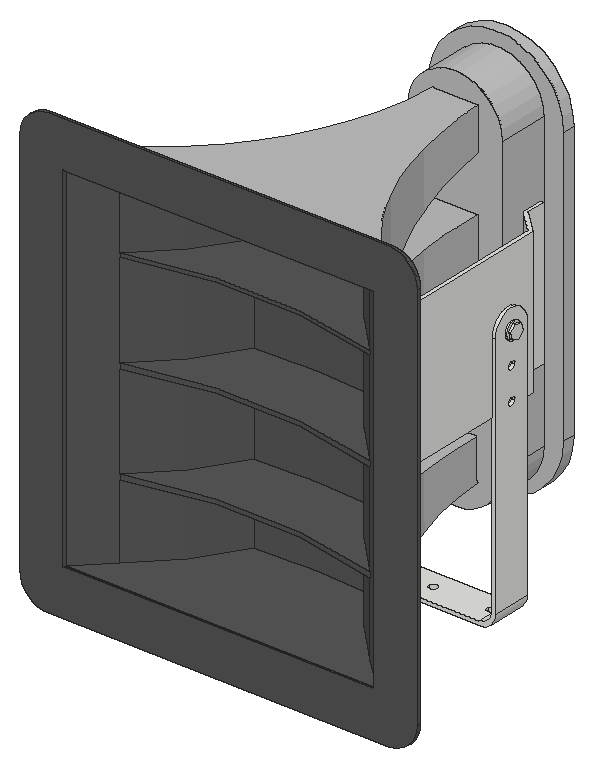
Revit family "Electronics_Community_Biamp_Voice-Range-Horn-System_RSH-462", category Communication Devices, host Face, Revit 2020
Family settings
  Host = Face
  Maintain Annotation Orientation = No
  Round Connector Dimension = Use Diameter
  Part Type = Normal
  OmniClass Number = 23.85.10.11.14.14.14
  Cut with Voids When Loaded = No
  Shared = No
  Room Calculation Point = No
Parameters (values of type "RSH-462")
  Width = 2' - 0 1/2"  # constant formula
  Weight = 71.30 lbf  # constant formula
  Usable LF Limit = "400 Hz"  # constant formula
  URL = "https://www.biamp.com/"
  Type Comments = ""
  Throat Entrance Diameter = "4 x 2"  # constant formula
  Supplied Accessories = "Factory-installed mounting bracket, hot-dipped galvanized 304 stainless steel "  # constant formula
  Shipping Weight = 82.00 lbf  # constant formula
  Rotate angle [instance] = 0.00°
  Required Signal Processing = "400 Hz high pass filter (24 dB/Oct);8 kHz low pass filter (12 db/Oct);(for 4 x M200 driver standalone)"  # constant formula
  Recommended Power Amplifier = "630W to 900W @ 8 ohms"  # constant formula
  Product data url = "https://bimobject.com/biamp/product/rsh-462_community-projectors-and-horn"
  Product Page URL = "https://www.biamp.com/products/product-families/community/projectors-and-horns#rsh-462"
  Product Documentation Link = "https://downloads.biamp.com/assets/docs/default-source/data-sheets/biamp_data_sheet_community_rsh-462.pdf"
  Position [instance] = 3
  Optional Accessories = "Digital system processor"  # constant formula
  Operating Range = "400 Hz to 8 kHz;600 Hz to 4 kHz (± 4dB)"  # constant formula
  Offset [instance] = if(Nom position = 1, 1' 0.04724", if(Nom position = 2, 1' 2.01575", if(Nom position = 3, 1' 3.98425", 0' 0")))  # 1' - 3.98425"
  Nominal –6dB Beamwidth = "60°H (+1° / -4°, 1600 Hz to 4000 Hz);20°V (+20° / -0°, 1600 Hz to 4000 Hz)"  # constant formula
  Nominal Impedance = "11 ohms"  # constant formula
  Nom position [instance] = if(Position < 1, 1, if(and(or(Position > 1, Position = 1), Position < 4), Position, if(Position > 4, 3, 3)))  # 3
  Nom angle [instance] = if(and(Nom position = 1, or(Rotate angle < 55.00°, Rotate angle = 55.00°)), 55.00°, if(and(Nom position = 1, and(Rotate angle > 55.00°, Rotate angle < 125.00°)), Rotate angle, if(and(Nom position = 1, or(Rotate angle > 125.00°, Rotate angle = 125.00°)), 125.00°, if(and(Nom position = 2, or(Rotate angle < 0.00°, Rotate angle = 0.00°)), 0.00°, if(and(Nom position = 2, and(Rotate angle > 0.00°, Rotate angle < 180.00°)), Rotate angle, if(and(Nom position = 2, or(Rotate angle > 180.00°, Rotate angle = 180.00°)), 180.00°, if(and(Nom position = 3, or(Rotate angle < 0.00°, Rotate angle = 0.00°)), 0.00°, if(and(Nom position = 3, and(Rotate angle > 0.00°, Rotate angle < 180.00°)), Rotate angle, if(and(Nom position = 3, or(Rotate angle > 180.00°, Rotate angle = 180.00°)), 180.00°, 0.00°)))))))))  # 0.00°
  Model = "RSH-462"  # constant formula
  Minimum Impedance = "10.8 ohms @ 570 Hz"  # constant formula
  Maximum Output = "143 dB SPL / 150 dB SPL (peak)"  # constant formula
  Max Input Ratings = "300W continuous, 750W program;49 volts RMS, 110 volts momentary peak"  # constant formula
  Manufacturer = "Biamp"  # constant formula
  Loudspeaker Type = "Exponential FocusedArray™ Horn System"  # constant formula
  Housing Material = Biamp - Metal - Silver
  Height = 2' - 4 1/2"  # constant formula
  Environmental Performance = "IEC529 IP66W rating with a minimum 5-degree downward aiming angle"  # constant formula
  Drivers = "4 x M200 ferrofluid-cooled"  # constant formula
  Description = "RSH-462 Voice-Range Exponential Focused Array Horn System with Mounting Bracket"  # constant formula
  Depth = 1' - 10 1/2"  # constant formula
  Default Elevation = 4' - 0"
  Construction = "Hand laminated, reinforced composite fiberglass;Interior: Black gelcoat;Exterior: Grey gelcoat"  # constant formula
  Connector Description = "Terminal strip; 300W continuous, 750W program, 49 volts RMS, 110 volts momentary peak "  # constant formula
  Axial Sensitivity (1W/1m) = "118 dB SPL (600 Hz to 4 kHz 1/3 octave bands);117 dB SPL (250 Hz to 4 kHz speech range)"  # constant formula
  Axial Q = "27.5    1.6 to 4 kHz"  # constant formula
  Axial DI = "14.4"  # constant formula
Reference planes (in)
  plane 1 "Center (Front/Back)": y = 0
  plane 2: z = 0
  plane 3 "Center (Left/Right)": x = 0
  plane 4: z = 15.98425
Forms (in)
  Sweep 1, solid, material "Biamp - Metal - Silver" <- "Housing Material", detail levels coarse
    path origin (0, 0, 0) x (1, 0, 0) y (0, 1, 0)
      loop
        line (0, -1.1811) -> (0, 1.1811)
    profile origin (0, 0, 0) x (-1, 0, 0) y (0, 0, 1)
      loop
        line (4.74409, 0) -> (4.74409, 17.16535) -> (4.50787, 17.16535) -> (4.50787, 0.23622) -> (-4.50787, 0.23622) -> (-4.50787, 17.16535) -> (-4.74409, 17.16535) -> (-4.74409, 0) -> (4.74409, 0)
  Sweep 2, solid, material "Biamp - Metal - Silver" <- "Housing Material", detail levels medium+fine
    path origin (0, 0, 0) x (1, 0, 0) y (0, 1, 0)
      loop
        line (0, -1.1811) -> (0, 1.1811)
    profile origin (0, 0, 0) x (-1, 0, 0) y (0, 0, 1)
      loop
        arc (3.84147, 0) -> (4.47972, 0.26437) -> (4.74409, 0.90263) r 0.90263
        line (4.74409, 0.90263) -> (4.74409, 17.16535) -> (4.50787, 17.16535) -> (4.50787, 1.02362)
        arc (4.50787, 1.02362) -> (4.27725, 0.46685) -> (3.72047, 0.23622) r 0.7874
        line (3.72047, 0.23622) -> (-3.72047, 0.23622)
        arc (-3.72047, 0.23622) -> (-4.27725, 0.46685) -> (-4.50787, 1.02362) r 0.7874
        line (-4.50787, 1.02362) -> (-4.50787, 17.16535) -> (-4.74409, 17.16535) -> (-4.74409, 0.90263)
        arc (-4.74409, 0.90263) -> (-4.47972, 0.26437) -> (-3.84147, 0) r 0.90263
        line (-3.84147, 0) -> (3.84147, 0)
  Sweep 3, void
    path origin (0, 0, 0) x (1, 0, 0) y (0, 1, 0)
      loop
        line (-4.74409, 0) -> (4.74409, 0)
    profile origin (0, 0, 0) x (0, 1, 0) y (0, 0, 1)
      loop
        line (1.1811, 15.98425) -> (1.1811, 17.3622) -> (-1.1811, 17.3622) -> (-1.1811, 15.98425)
        arc (-1.1811, 15.98425) -> (0, 17.16535) -> (1.1811, 15.98425) r 1.1811
  Extrusion 4, void
    sketch origin (0, 0, 0) x (1, 0, 0) y (0, 1, 0)
      loop
        circle (0, 0) r 0.25591
      loop
        circle (3.54331, 0) r 0.25591
      loop
        circle (-3.54331, 0) r 0.25591
    from 0 to 0.60139
  Sweep 5, void
    path origin (0, 0, 0) x (1, 0, 0) y (0, 1, 0)
      loop
        line (-4.74409, 0) -> (4.74409, 0)
    profile origin (0, 0, 0) x (0, 1, 0) y (0, 0, 1)
      loop
        circle (0, 15.98425) r 0.25591
      loop
        circle (0, 14.01575) r 0.25591
      loop
        circle (0, 12.04724) r 0.25591
  Revolve 6, solid, material "Biamp - Metal - Silver" <- "Housing Material"
    sketch origin (0, 0, 0) x (1, 0, 0) y (0, 0, 1)
      loop
        line (-4.74409, 16.20601) -> (-4.74409, 16.50166) -> (-4.89404, 16.50166) -> (-4.89404, 15.98425) -> (-4.17261, 15.98425) -> (-4.17261, 16.20601) -> (-4.74409, 16.20601)
      loop
        line (4.74409, 16.20601) -> (4.17261, 16.20601) -> (4.17261, 15.98425) -> (4.89404, 15.98425) -> (4.89404, 16.50166) -> (4.74409, 16.50166) -> (4.74409, 16.20601)
      axis (-4.89404, 15.98425) -> (4.89404, 15.98425)
    angle from 0 to 360
  Sweep 7, solid, material "Biamp - Metal - Silver" <- "Housing Material", detail levels medium+fine
    path origin (0, 0, 0) x (1, 0, 0) y (0, 0, 1)
      loop
        line (-4.89404, 15.98425) -> (-5.09089, 15.98425)
    profile origin (-4.99247, 0, 15.98425) x (0, 0, -1) y (0, -1, 0)
      loop
        line (-0.43912, 0.11766) -> (-0.32146, -0.32146) -> (0.11766, -0.43912) -> (0.43912, -0.11766) -> (0.32146, 0.32146) -> (-0.11766, 0.43912) -> (-0.43912, 0.11766)
  Sweep 8, solid, material "Biamp - Metal - Silver" <- "Housing Material", detail levels medium+fine
    path origin (0, 0, 0) x (-1, 0, 0) y (0, 0, 1)
      loop
        line (-4.89404, 15.98425) -> (-5.09089, 15.98425)
    profile origin (4.99247, 0, 15.98425) x (0, 0, 1) y (0, -1, 0)
      loop
        line (0.43912, 0.11766) -> (0.11766, 0.43912) -> (-0.32146, 0.32146) -> (-0.43912, -0.11766) -> (-0.11766, -0.43912) -> (0.32146, -0.32146) -> (0.43912, 0.11766)
Cuts and joins
  Sweep 3, Extrusion 4, Sweep 5 cuts Sweep 2
  Extrusion 4, Sweep 5 cuts Sweep 1
Lines and regions (in)
  Masking region 1
    outline origin (0, 0, 0) x (1, 0, 0) y (0, 1, 0)
      loop
        line (-4.74409, 1.1811) -> (-4.74409, -1.1811) -> (4.74409, -1.1811) -> (4.74409, 1.1811) -> (-4.74409, 1.1811)
  reference lines
    curve 1: line (0, 0, 15.98425) -> (0, -8.66142, 15.98425)
Dimensions and locks (in)
  "Offset": plane 4 to plane 2
  "Nom angle": angle plane 4 to curve 1
  aligned and locked: plane 2 to host face
  aligned and locked: level to host face
  aligned and locked: plane 4 to curve 1
  aligned and locked: plane 1 "Center (Front/Back)" to curve 1
  aligned and locked: Revolve 6 sketch curve to plane 4
  aligned and locked: plane 4 to Sweep 7 sketch curve
  aligned and locked: Sweep 8 sketch curve to plane 4
Automatic sketch dimensions
  host sketch curve to host sketch curve = 8' - 0"  (x2)
  Sweep 1 sketch curve to plane 3 "Center (Left/Right)" = 0' - 0"
  plane 1 "Center (Front/Back)" to Sweep 1 sketch curve = 0' - 1.1811"
  Sweep 1 sketch curve to plane 1 "Center (Front/Back)" = 0' - 1.1811"
  Sweep 1 sketch curve to level = 0' - 0"
  profile plane to Sweep 1 sketch curve = 0' - 4.74409"
  Sweep 1 sketch curve to Sweep 1 sketch curve = 0' - 0.23622"  (x2)
  level to Sweep 1 sketch curve = 0' - 0.23622"
  Sweep 1 sketch curve to profile plane = 0' - 4.50787"
  Sweep 1 sketch curve to Sweep 1 sketch curve = 1' - 4.92913"
  Sweep 1 sketch curve to Sweep 1 sketch curve = 0' - 0"
  Sweep 2 sketch curve to plane 3 "Center (Left/Right)" = 0' - 0"
  plane 1 "Center (Front/Back)" to Sweep 2 sketch curve = 0' - 1.1811"
  Sweep 2 sketch curve to plane 1 "Center (Front/Back)" = 0' - 1.1811"
  Sweep 2 sketch curve to level = 0' - 0"
  level to Sweep 2 sketch curve = 0' - 0.90263"
  profile plane to Sweep 2 sketch curve = 0' - 4.74409"
  Sweep 2 sketch curve to Sweep 2 sketch curve = 0' - 0.23622"  (x2)
  Sweep 2 sketch curve to Sweep 2 sketch curve = 0' - 0.12099"  (x2)
  level to Sweep 2 sketch curve = 0' - 0.23622"
  Sweep 2 sketch curve to profile plane = 0' - 3.72047"
  Sweep 2 sketch curve to Sweep 2 sketch curve = 0' - 0.66641"
  Sweep 2 sketch curve to Sweep 2 sketch curve = 1' - 4.14173"
  Sweep 2 sketch curve to Sweep 2 sketch curve = 0' - 0"
  plane 1 "Center (Front/Back)" to Sweep 3 sketch curve = 0' - 0"
  Sweep 3 sketch curve to plane 3 "Center (Left/Right)" = 0' - 4.74409"
  plane 3 "Center (Left/Right)" to Sweep 3 sketch curve = 0' - 4.74409"
  Sweep 3 sketch curve to profile plane = 0' - 0"
  profile plane to Sweep 3 sketch curve = 0' - 1.1811"
  level to Sweep 3 sketch curve = 1' - 3.98425"
  Sweep 3 sketch curve to Sweep 3 sketch curve = 0' - 1.37795"
  plane 1 "Center (Front/Back)" to Extrusion 4 sketch curve = 0' - 0"  (x3)
  Extrusion 4 sketch curve to plane 3 "Center (Left/Right)" = 0' - 0"
  Extrusion 4 sketch curve to plane 3 "Center (Left/Right)" = 0' - 3.54331"
  Extrusion 4 sketch curve to Extrusion 4 sketch curve = 0' - 3.54331"
  plane 1 "Center (Front/Back)" to Sweep 5 sketch curve = 0' - 0"
  Sweep 5 sketch curve to plane 3 "Center (Left/Right)" = 0' - 4.74409"
  plane 3 "Center (Left/Right)" to Sweep 5 sketch curve = 0' - 4.74409"
  Sweep 5 sketch curve to profile plane = 0' - 0"  (x3)
  level to Sweep 5 sketch curve = 1' - 0.04724"
  Sweep 5 sketch curve to Sweep 5 sketch curve = 0' - 1.9685"  (x2)
  Revolve 6 sketch curve to plane 4 = 0' - 0"  (x2)
  Revolve 6 sketch curve to plane 3 "Center (Left/Right)" = 0' - 4.89404"
  Revolve 6 sketch curve to Revolve 6 sketch curve = 0' - 0.14995"  (x2)
  Revolve 6 sketch curve to Revolve 6 sketch curve = 0' - 0.57149"  (x2)
  plane 3 "Center (Left/Right)" to Revolve 6 sketch curve = 0' - 4.17261"
  plane 4 to Revolve 6 sketch curve = 0' - 0.22175"  (x2)
  Revolve 6 sketch curve to Revolve 6 sketch curve = 0' - 0.29566"  (x2)
  Revolve 6 sketch curve to Revolve 6 sketch curve = 0' - 0.4406"
  Revolve 6 sketch curve to Revolve 6 sketch curve = 0' - 0.80647"
  Sweep 7 sketch curve to plane 3 "Center (Left/Right)" = 0' - 5.09089"
  Sweep 7 sketch curve to Sweep 7 sketch curve = 0' - 0.19685"
  plane 1 "Center (Front/Back)" to Sweep 7 sketch curve = 0' - 0.11766"
  profile plane to Sweep 7 sketch curve = 0' - 0.43912"
  profile plane to Sweep 7 sketch curve = 0' - 0.32146"
  profile plane to Sweep 7 sketch curve = 0' - 0.11766"
  Sweep 7 sketch curve to profile plane = 0' - 0.11766"
  Sweep 7 sketch curve to profile plane = 0' - 0.32146"
  Sweep 7 sketch curve to plane 1 "Center (Front/Back)" = 0' - 0.11766"
  Sweep 7 sketch curve to profile plane = 0' - 0.43912"
  Sweep 7 sketch curve to plane 1 "Center (Front/Back)" = 0' - 0.32146"
  Sweep 7 sketch curve to plane 1 "Center (Front/Back)" = 0' - 0.43912"
  plane 1 "Center (Front/Back)" to Sweep 7 sketch curve = 0' - 0.32146"
  plane 1 "Center (Front/Back)" to Sweep 7 sketch curve = 0' - 0.43912"
  Sweep 8 sketch curve to plane 3 "Center (Left/Right)" = 0' - 5.09089"
  Sweep 8 sketch curve to Sweep 8 sketch curve = 0' - 0.19685"
  Sweep 8 sketch curve to plane 1 "Center (Front/Back)" = 0' - 0.11766"
  profile plane to Sweep 8 sketch curve = 0' - 0.43912"
  profile plane to Sweep 8 sketch curve = 0' - 0.32146"
  profile plane to Sweep 8 sketch curve = 0' - 0.11766"
  Sweep 8 sketch curve to profile plane = 0' - 0.11766"
  Sweep 8 sketch curve to profile plane = 0' - 0.32146"
  plane 1 "Center (Front/Back)" to Sweep 8 sketch curve = 0' - 0.11766"
  Sweep 8 sketch curve to profile plane = 0' - 0.43912"
  Sweep 8 sketch curve to plane 1 "Center (Front/Back)" = 0' - 0.32146"
  Sweep 8 sketch curve to plane 1 "Center (Front/Back)" = 0' - 0.43912"
  plane 1 "Center (Front/Back)" to Sweep 8 sketch curve = 0' - 0.32146"
  plane 1 "Center (Front/Back)" to Sweep 8 sketch curve = 0' - 0.43912"
  plane 1 "Center (Front/Back)" to Masking region 1 sketch curve = 0' - 1.1811"
  Masking region 1 sketch curve to plane 3 "Center (Left/Right)" = 0' - 4.74409"
  plane 3 "Center (Left/Right)" to Masking region 1 sketch curve = 0' - 4.74409"
  Masking region 1 sketch curve to plane 1 "Center (Front/Back)" = 0' - 1.1811"
  radius of Extrusion 4 sketch curve = 0' - 0.25591"  (x3)
  radius of Sweep 5 sketch curve = 0' - 0.25591"  (x3)
Nested families (in)
  nested 1: "RSH" at (0, -16.35178, 3.4252), type "RSH"
Connectors (in)
  electrical at (0, 5.25825, 6.49088), driven by "Connector Description"
    settings: on nested 1, index 1, voltage 0 V, apparent load 0 VA, apparent load phase1 0 VA, apparent load phase2 0 VA, apparent load phase3 0 VA, power factor 1, load classification "Other", number of poles 1, system type 5, power factor state 1, is connector primary yes, connector utility no, sub classification motor no, connector description "Terminal strip; 300W continuous, 750W program, 49 volts RMS, 110 volts momentary peak "
Definition of nested family "RSH"
  Parameters (values of type "RSH")
    Default Elevation = 4' - 0"
  Reference planes (in)
    plane 1 "Center (Front/Back)": y = 0
    plane 2: z = 0
    plane 3 "Center (Left/Right)": x = 0
  Forms (in)
    Extrusion 1, solid
      sketch origin (0, 0, 0) x (1, 0, 0) y (0, 0, 1)
        loop
          line (-4.13386, 25.11811) -> (-4.13386, 0) -> (4.13386, 0) -> (4.13386, 25.11811) -> (-4.13386, 25.11811)
      from -21.86584 to -21.13609
    Extrusion 2, void
      sketch origin (0, 0, 0) x (1, 0, 0) y (0, 0, 1)
        loop
          arc (-4.13386, 20.98425) -> (0, 25.11811) -> (4.13386, 20.98425) r 4.13386
          line (4.13386, 20.98425) -> (4.13386, 25.70866) -> (-4.13386, 25.70866) -> (-4.13386, 20.98425)
        loop
          line (-4.13386, 4.13386) -> (-4.13386, -0.59055) -> (4.13386, -0.59055) -> (4.13386, 4.13386)
          arc (4.13386, 4.13386) -> (0, 0) -> (-4.13386, 4.13386) r 4.13386
      from -26.3611 to -14.73537
    Extrusion 3, solid
      sketch origin (0, 0, 0) x (1, 0, 0) y (0, 0, 1)
        loop
          line (-2.88712, 0.48528) -> (2.88712, 0.48528) -> (2.88712, 24.34765) -> (-2.88712, 24.34765) -> (-2.88712, 0.48528)
      from -21.13609 to -18.0259
    Extrusion 4, void
      sketch origin (0, 0, 0.44291) x (1, 0, 0) y (0, 0, 1)
        loop
          arc (-2.88712, 20.97115) -> (0, 23.85827) -> (2.88712, 20.97115) r 2.88712
          line (2.88712, 20.97115) -> (2.88712, 25.69556) -> (-2.88712, 25.69556) -> (-2.88712, 20.97115)
        loop
          line (-2.88712, 2.96586) -> (-2.88712, -1.75855) -> (2.88712, -1.75855) -> (2.88712, 2.96586)
          arc (2.88712, 2.96586) -> (0, 0.07874) -> (-2.88712, 2.96586) r 2.88712
      from -21.13609 to -14.73537
    Extrusion 5, solid, detail levels coarse
      sketch origin (0, 0, 0) x (1, 0, 0) y (0, 1, 0)
        loop
          arc (-1.37795, 18.0259) -> (-4.01751, 8.14102) -> (-10.39173, 0.13805) r 25.03057
          line (-10.39173, 0.13805) -> (0, 0.13805) -> (10.39173, 0.13805)
          arc (10.39173, 0.13805) -> (4.01751, 8.14102) -> (1.37795, 18.0259) r 25.03057
          line (1.37795, 18.0259) -> (-1.37795, 18.0259)
      from 0.69109 to 24.69122
    Extrusion 6, void
      sketch origin (0, 0, 0) x (0, 1, 0) y (0, 0, 1)
        loop
          line (18.0259, 24.69122) -> (0.13805, 24.69122) -> (0.13805, 24.59449)
          arc (0.13805, 24.59449) -> (9.04421, 23.35366) -> (18.0259, 22.91957) r 99.79306
          line (18.0259, 22.91957) -> (18.0259, 24.69122)
        loop
          line (18.0259, 0.49424) -> (18.0259, 2.26589)
          arc (18.0259, 2.26589) -> (9.04421, 1.8318) -> (0.13805, 0.59097) r 99.79306
          line (0.13805, 0.59097) -> (0.13805, 0.49424) -> (18.0259, 0.49424)
      from -12.6108 to 11.97418
    Extrusion 7, solid
      sketch origin (-10.10529, 0.13805, 0) x (1, 0, 0) y (0, 0, 1)
        loop
          line (0.62365, 23.51024) -> (0.62365, 1.77479) -> (19.58693, 1.77479) -> (19.58693, 23.51024) -> (0.62365, 23.51024)
        loop
          arc (-0.21164, 26.28741) -> (-1.46439, 25.7685) -> (-1.9833, 24.51575) r 1.77165
          line (-1.9833, 24.51575) -> (-1.9833, 0.73623)
          arc (-1.9833, 0.73623) -> (-1.46439, -0.51652) -> (-0.21164, -1.03543) r 1.77165
          line (-0.21164, -1.03543) -> (20.49702, -1.03543)
          arc (20.49702, -1.03543) -> (21.74977, -0.51652) -> (22.26867, 0.73623) r 1.77165
          line (22.26867, 0.73623) -> (22.26867, 24.51575)
          arc (22.26867, 24.51575) -> (21.74977, 25.7685) -> (20.49702, 26.28741) r 1.77165
          line (20.49702, 26.28741) -> (-0.21164, 26.28741)
      from 0 to 0.19685
    Extrusion 8, solid
      sketch origin (0, 0, 0) x (1, 0, 0) y (0, 1, 0)
        loop
          line (-2.88712, 20.82516) -> (-3.12334, 20.82516) -> (-3.12334, 19.65913) -> (-4.49434, 18.28813) -> (-4.49434, 7.73464)
          arc (-4.49434, 7.73464) -> (-4.82383, 7.13696) -> (-5.16963, 6.54858) r 24.79435
          line (-5.16963, 6.54858) -> (-4.96445, 6.43138)
          arc (-4.96445, 6.43138) -> (-4.60239, 7.0485) -> (-4.25812, 7.67572) r 25.03057
          line (-4.25812, 7.67572) -> (-4.25812, 18.19028) -> (-2.88712, 19.56129) -> (-2.88712, 20.82516)
        loop
          line (2.88712, 20.82516) -> (2.88712, 19.56129) -> (4.25812, 18.19028) -> (4.25812, 7.67572)
          arc (4.25812, 7.67572) -> (4.60239, 7.0485) -> (4.96445, 6.43138) r 25.03057
          line (4.96445, 6.43138) -> (5.16963, 6.54858)
          arc (5.16963, 6.54858) -> (4.82383, 7.13696) -> (4.49434, 7.73464) r 24.79435
          line (4.49434, 7.73464) -> (4.49434, 18.28813) -> (3.12334, 19.65913) -> (3.12334, 20.82516) -> (2.88712, 20.82516)
      from 8.16612 to 16.96056
    Extrusion 9, solid, detail levels medium+fine
      sketch origin (0, 0, 0) x (1, 0, 0) y (0, 1, 0)
        loop
          arc (-1.37795, 18.0259) -> (-4.01751, 8.14102) -> (-10.39173, 0.13805) r 25.03057
          line (-10.39173, 0.13805) -> (0, 0.13805) -> (10.39173, 0.13805)
          arc (10.39173, 0.13805) -> (4.01751, 8.14102) -> (1.37795, 18.0259) r 25.03057
          line (1.37795, 18.0259) -> (-1.37795, 18.0259)
      from 0.57323 to 24.69122
    Extrusion 10, void
      sketch origin (0, 0, 0) x (0, 1, 0) y (0, 0, 1)
        loop
          arc (18.0259, 20.26379) -> (12.72254, 19.6296) -> (7.48344, 18.59056) r 69.59383
          arc (7.48344, 18.59056) -> (12.72254, 17.55152) -> (18.0259, 16.91733) r 69.59383
          line (18.0259, 16.91733) -> (18.0259, 20.26379)
        loop
          arc (18.0259, 8.15749) -> (12.72254, 7.5233) -> (7.48344, 6.48426) r 69.59383
          arc (7.48344, 6.48426) -> (12.72254, 5.44522) -> (18.0259, 4.81103) r 69.59383
          line (18.0259, 4.81103) -> (18.0259, 8.15749)
        loop
          arc (18.0259, 14.21064) -> (12.72254, 13.57645) -> (7.48344, 12.53741) r 69.59383
          arc (7.48344, 12.53741) -> (12.72254, 11.49837) -> (18.0259, 10.86418) r 69.59383
          line (18.0259, 10.86418) -> (18.0259, 14.21064)
      from -12.6108 to 11.97418
    Extrusion 11, void
      sketch origin (0, 0, 5.90551) x (1, 0, 0) y (0, 1, 0)
        loop
          arc (-7.60221, 1.96369) -> (-8.51857, 1.02683) -> (-9.48164, 0.13805) r 25.62112
          line (-9.48164, 0.13805) -> (0, 0.13805) -> (9.48164, 0.13805)
          arc (9.48164, 0.13805) -> (8.51857, 1.02683) -> (7.60221, 1.96369) r 25.62112
          arc (7.60221, 1.96369) -> (0, 3.09754) -> (-7.60221, 1.96369) r 26.05255
      from -4.13072 to 17.60473
    Extrusion 12, void
      sketch origin (0, 21.86584, 0) x (1, 0, 0) y (0, 0, 1)
        loop
          circle (0, 3.06569) r 0.7874
      from 0 to 0.2558
    Extrusion 13, void
      sketch origin (0, 0, 0) x (1, 0, 0) y (0, 1, 0)
        loop
          arc (7.60221, 1.96369) -> (5.3481, 4.32867) -> (3.54434, 7.05275) r 18.53202
          arc (3.54434, 7.05275) -> (0, 7.26293) -> (-3.54434, 7.05275) r 29.98956
          arc (-3.54434, 7.05275) -> (-5.3481, 4.32867) -> (-7.60221, 1.96369) r 18.53202
          arc (-7.60221, 1.96369) -> (0, 3.09754) -> (7.60221, 1.96369) r 26.05255
      from 1.77479 to 6.32919
    Extrusion 14, void
      sketch origin (0, 0, 0) x (1, 0, 0) y (0, 1, 0)
        loop
          arc (7.60221, 1.96369) -> (5.3481, 4.32867) -> (3.54434, 7.05275) r 18.53202
          arc (3.54434, 7.05275) -> (0, 7.26293) -> (-3.54434, 7.05275) r 29.98956
          arc (-3.54434, 7.05275) -> (-5.3481, 4.32867) -> (-7.60221, 1.96369) r 18.53202
          arc (-7.60221, 1.96369) -> (0, 3.09754) -> (7.60221, 1.96369) r 26.05255
      from 6.63669 to 12.37664
    Extrusion 15, void
      sketch origin (0, 0, 0) x (1, 0, 0) y (0, 1, 0)
        loop
          arc (7.60221, 1.96369) -> (5.3481, 4.32867) -> (3.54434, 7.05275) r 18.53202
          arc (3.54434, 7.05275) -> (0, 7.26293) -> (-3.54434, 7.05275) r 29.98956
          arc (-3.54434, 7.05275) -> (-5.3481, 4.32867) -> (-7.60221, 1.96369) r 18.53202
          arc (-7.60221, 1.96369) -> (0, 3.09754) -> (7.60221, 1.96369) r 26.05255
      from 12.69878 to 18.48882
    Extrusion 16, void
      sketch origin (0, 0, 0) x (1, 0, 0) y (0, 1, 0)
        loop
          arc (7.60221, 1.96369) -> (5.34173, 4.33668) -> (3.5346, 7.07074) r 18.53202
          arc (3.5346, 7.07074) -> (0, 7.27977) -> (-3.5346, 7.07074) r 29.98956
          arc (-3.5346, 7.07074) -> (-5.34173, 4.33668) -> (-7.60221, 1.96369) r 18.53202
          arc (-7.60221, 1.96369) -> (0, 3.09754) -> (7.60221, 1.96369) r 26.05255
      from 18.69812 to 23.51024
  Cuts and joins
    Extrusion 2, Extrusion 4, Extrusion 12 cuts Extrusion 1
    Extrusion 4, Extrusion 6, Extrusion 10, Extrusion 12 cuts Extrusion 3
    Extrusion 6, Extrusion 12, Extrusion 14, Extrusion 15, Extrusion 16 cuts Extrusion 5
    Extrusion 10 cuts Extrusion 7
    Extrusion 6, Extrusion 10, Extrusion 11, Extrusion 12, Extrusion 13, Extrusion 14, Extrusion 15, Extrusion 16 cuts Extrusion 9
  Lines and regions (in)
    Masking region 1
      outline origin (0, 0, 0) x (1, 0, 0) y (0, 0, 1)
        loop
          line (-12.08859, 24.51575) -> (-12.08859, 0.73623)
          arc (-12.08859, 0.73623) -> (-11.56968, -0.51652) -> (-10.31693, -1.03543) r 1.77165
          line (-10.31693, -1.03543) -> (10.39173, -1.03543)
          arc (10.39173, -1.03543) -> (11.64448, -0.51652) -> (12.16338, 0.73623) r 1.77165
          line (12.16338, 0.73623) -> (12.16338, 24.51575)
          arc (12.16338, 24.51575) -> (11.64448, 25.7685) -> (10.39173, 26.28741) r 1.77165
          line (10.39173, 26.28741) -> (-10.31693, 26.28741)
          arc (-10.31693, 26.28741) -> (-11.56968, 25.7685) -> (-12.08859, 24.51575) r 1.77165
    Masking region 2
      outline origin (0, 0, 0) x (1, 0, 0) y (0, 0, 1)
        loop
          line (-9.48164, 1.77479) -> (9.48164, 1.77479) -> (9.48164, 23.51024) -> (-9.48164, 23.51024) -> (-9.48164, 1.77479)
    Masking region 3
      outline origin (0, 0, 0) x (0, 1, 0) y (0, 0, 1)
        loop
          line (21.86584, 25.11811) -> (21.13609, 25.11811) -> (21.13609, 0) -> (21.86584, 0) -> (21.86584, 25.11811)
    Masking region 4
      outline origin (0, 0, 0) x (0, 1, 0) y (0, 0, 1)
        loop
          line (18.0259, 24.40945) -> (18.0259, 16.96056) -> (20.82516, 16.96056) -> (20.82516, 8.16612) -> (18.0259, 8.16612) -> (18.0259, 0.49424) -> (21.13609, 0.49424) -> (21.13609, 24.40945) -> (18.0259, 24.40945)
    Masking region 5
      outline origin (0, 0, 0) x (0, 1, 0) y (0, 0, 1)
        loop
          line (18.0259, 16.96056) -> (6.98959, 16.96056) -> (6.98959, 8.16612) -> (18.0259, 8.16612) -> (20.82516, 8.16612) -> (20.82516, 16.96056) -> (18.0259, 16.96056)
    Masking region 6
      outline origin (0, 0, 0) x (0, 1, 0) y (0, 0, 1)
        loop
          line (18.0259, 16.96056) -> (18.0259, 22.91957)
          arc (18.0259, 22.91957) -> (9.04421, 23.35366) -> (0.13805, 24.59449) r 99.79306
          line (0.13805, 24.59449) -> (0.13805, 0.59097)
          arc (0.13805, 0.59097) -> (9.04421, 1.8318) -> (18.0259, 2.26589) r 99.79306
          line (18.0259, 2.26589) -> (18.0259, 8.16612) -> (6.98959, 8.16612) -> (6.98959, 16.96056) -> (18.0259, 16.96056)
    Masking region 7
      outline origin (0, 0, 0) x (0, 1, 0) y (0, 0, 1)
        loop
          line (0.13805, 26.28741) -> (-0.0588, 26.28741) -> (-0.0588, -1.03543) -> (0.13805, -1.03543) -> (0.13805, 26.28741)
    Masking region 8
      outline origin (0, 0, 0) x (1, 0, 0) y (0, 1, 0)
        loop
          line (-4.13386, 21.86584) -> (-4.13386, 21.13609) -> (4.13386, 21.13609) -> (4.13386, 21.86584) -> (-4.13386, 21.86584)
    Masking region 9
      outline origin (0, 0, 0) x (1, 0, 0) y (0, 1, 0)
        loop
          line (-2.88712, 18.0259) -> (2.88712, 18.0259) -> (2.88712, 21.13609) -> (-2.88712, 21.13609) -> (-2.88712, 18.0259)
    Masking region 10
      outline origin (0, 0, 0) x (1, 0, 0) y (0, 1, 0)
        loop
          arc (-1.37795, 18.0259) -> (-4.01751, 8.14102) -> (-10.39173, 0.13805) r 25.03057
          line (-10.39173, 0.13805) -> (10.39173, 0.13805)
          arc (10.39173, 0.13805) -> (4.01751, 8.14102) -> (1.37795, 18.0259) r 25.03057
          line (1.37795, 18.0259) -> (-1.37795, 18.0259)
    Masking region 11
      outline origin (0, 0, 0) x (1, 0, 0) y (0, 1, 0)
        loop
          line (-12.08859, 0.13805) -> (-12.08859, -0.0588) -> (12.16338, -0.0588) -> (12.16338, 0.13805) -> (-12.08859, 0.13805)
    Masking region 12
      outline origin (0, 0, 0) x (1, 0, 0) y (0, 1, 0)
        loop
          line (-4.49434, 18.28813) -> (-4.49434, 7.77932)
          arc (-4.49434, 7.77932) -> (-4.81641, 7.15538) -> (-5.15602, 6.54081) r 24.79435
          line (-5.15602, 6.54081) -> (-4.9509, 6.42364)
          arc (-4.9509, 6.42364) -> (-4.59494, 7.06865) -> (-4.25812, 7.72386) r 25.03057
          line (-4.25812, 7.72386) -> (-4.25812, 18.19028) -> (-2.88712, 19.56129) -> (-2.88712, 20.82516) -> (-3.12334, 20.82516) -> (-3.12334, 19.65913) -> (-4.49434, 18.28813)
        loop
          line (4.49434, 18.28813) -> (3.12334, 19.65913) -> (3.12334, 20.82516) -> (2.88712, 20.82516) -> (2.88712, 19.56129) -> (4.25812, 18.19028) -> (4.25812, 7.72386)
          arc (4.25812, 7.72386) -> (4.59494, 7.06865) -> (4.9509, 6.42364) r 25.03057
          line (4.9509, 6.42364) -> (5.15602, 6.54081)
          arc (5.15602, 6.54081) -> (4.81641, 7.15538) -> (4.49434, 7.77932) r 24.79435
          line (4.49434, 7.77932) -> (4.49434, 18.28813)
    reference lines
      curve 1: line (0, 21.86584, 12.55906) -> (0, 15.56663, 12.55906)
  Dimensions and locks (in)
    aligned and locked: plane 2 to level
